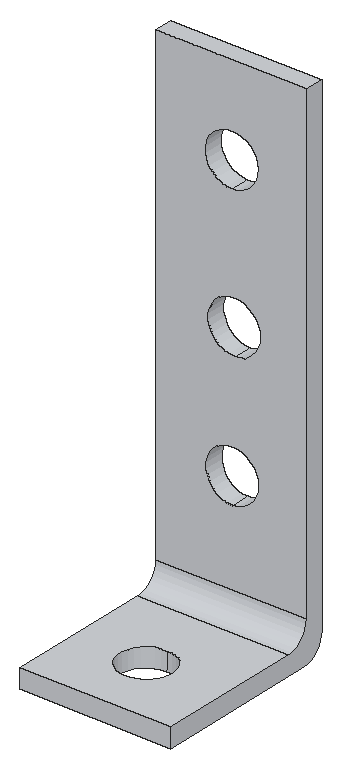
Revit family "MP10", category Generic Models, Revit 2017
Family settings
  Can host rebar = No
  Round Connector Dimension = Use Diameter
  Part Type = Normal
  Work Plane-Based = Yes
  Always vertical = No
  Cut with Voids When Loaded = No
  Shared = No
  Room Calculation Point = No
Parameters (values of type "NBS Standard Parameters")
  Weight = "0.315Kg"
  WarrantyStartDate [instance] = "1900-12-31T23:59:59"
  WarrantyGuarantorParts = "n/a"
  WarrantyGuarantorLabor = "n/a"
  WarrantyDurationUnit = "1 year"
  WarrantyDurationParts = "n/a"
  WarrantyDurationLabor = "n/a"
  WarrantyDescription = "n/a"
  Version = "1"
  Uniclass2 = "Pr_65_70_11_19"
  TagNumber [instance] = "n/a"
  SustainabilityPerformance = "n/a"
  Size = "90 Degree"
  Shape = "Angle"
  SerialNumber [instance] = "n/a"
  Revision = "n/a"
  ReplacementCost = "n/a"
  ProductInformation = "www.metpro.co.uk/pdf/mp10.pdf"
  NominalWidth = 40 mm
  NominalLength = 132 mm
  NominalHeight = 50 mm
  Name = ""
  NBSTypeID = ""
  NBSReference = "90-55-10/305"
  NBSOfficeMasterTag = ""
  NBSNote = ""
  NBSDescription = "Channel Cable Supports"
  NBSCertification = ""
  ModelReference = "MP10"
  ModelNumber = "n/a"
  Material = "Steel"
  ManufacturerURL = "ww.metpro.co.uk"
  ManufacturerName = "Metpro Ltd"
  Keynote = "Compliant to LU Standard 1-085"
  InstallationDate [instance] = "1900-12-31T23:59:59"
  IfcExportType = ""
  IfcExportAs = ""
  Grade = "n/a"
  Finish = "Hot Dipped Galvanised"
  Features = "n/a"
  ExpectedLife = "n/a"
  DurationUnit = "year"
  Description = "MP10 -  1+3 Hole 90 Degree Bracket"
  Default Elevation = 1219.2 mm
  Constituents = "n/a"
  Color = "n/a"
  CodePerformance = "n/a"
  Category = "n/a"
  BarCode [instance] = "n/a"
  BIMObjectName = "Metpro_Metprolibrary_Channelcablesupports_Channelbracket"
  Author = "Metpro Ltd"
  AssetType = ""
  AssetIdentifier [instance] = "n/a"
  AccessibilityPerformance = "n/a"
Reference planes
  plane 1 "Center (Front/Back)": y = 0
  plane 2: z = 0
  plane 3 "Center (Left/Right)": x = 0
Forms (mm)
  Extrusion 1, solid
    sketch origin (-40.352, 45, -0.352) x (0, 0, -1) y (0, 1, 0)
      loop
        line (-88.852, 0) -> (-88.852, -5) -> (37.148, -5)
        arc (37.148, -5) -> (41.391, -6.757) -> (43.148, -11) r 6
        line (43.148, -11) -> (43.148, -50) -> (48.148, -50) -> (48.148, -6)
        arc (48.148, -6) -> (46.391, -1.757) -> (42.148, 0) r 6
        line (42.148, 0) -> (-88.852, 0)
    from 0 to 40
  Extrusion 2, void
    sketch origin (-40.352, 42.501, -43.5) x (1, 0, 0) y (0, -1, 0)
      loop
        circle (19.117, 29.59) r 7
    from 0 to 5
  Extrusion 3, void
    sketch origin (-40.352, 40, -43.5) x (0, 0, -1) y (-1, 0, 0)
      loop
        circle (-108.158, -20.261) r 7
      loop
        circle (-68.614, -20.883) r 7
      loop
        circle (-33.084, -20.376) r 7
    from 0 to 5
Cuts and joins
  Extrusion 2, Extrusion 3 cuts Extrusion 1
Dimensions and locks
  aligned and locked: level to plane 2
  aligned and locked: Extrusion 1 to Extrusion 3
